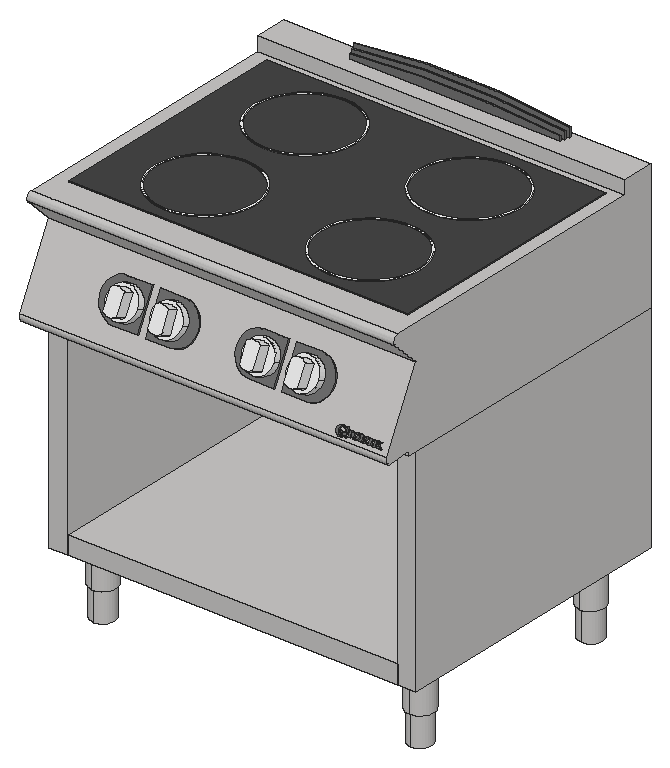
Revit family "QF_GIORIK_CV740G", category Specialty Equipment, Revit 2014
Parameters (values of type "CV740G")
  Weight in Pounds = 198.4158
  Watts = 8400 W
  Volts = 400 V
  URL Cutsheet = "www.giorik.com"
  URL = "www.giorik.com"
  Status [instance] = ""
  Specification by User [instance] = ""
  Specification by Manufacturer = ""
  Show Logo [instance] = yes
  Show Clearance [instance] = yes
  Serial Number = ""
  Seismic Rating = ""
  SMACNA No = ""
  Revision Code [instance] = ""
  Phase = 3
  Number of Poles [instance] = 3
  NAFEM Spec ID Number = ""
  Model = "CV740G"
  Min Ckt Ampacity = 0 A
  Max Overcurrent Protection = 0 A
  Masterspec = ""
  Manufacturer = "GIORIK"
  Item Number [instance] = ""
  Installed By [instance] = ""
  Identify Quantity as Lot [instance] = no
  HP = "11.264568000000"
  Furnished By [instance] = ""
  Foodservice Equipment Identifier [instance] = yes
  FL Amps = 0 A
  Electrical Remarks [instance] = ""
  Electric Connection Type [instance] = ""
  Elec Conn RI Height [instance] = 0 mm
  Elec Conn Connection Height [instance] = 150 mm
  Description = "CERAMIC GLASS HOB ON OPEN BASE UNIT"
  Cycle = 50 Hz
  Conn Plug = ""
  CSI MasterFormat = ""
  Assembly Code = "E1090320"
  Apparent Power = 8400 VA
Reference planes
  plane 1 "Back": y = 0
  plane 2: z = 0
  plane 3 "Left": x = 0
  plane 4 "Right": x = 800
  plane 5 "Front": y = -720
  plane 6 "Top": z = 900
Forms (mm)
  Extrusion 1, solid, visible <- "Show Logo"
    sketch origin (591.604, -736.761, 609.486) x (-1, 0, 0) y (0, 0.452718, 0.891654)
      loop
        line (-118.824, 58.358) -> (-127.804, 58.358) -> (-125.523, 56.445) -> (-125.523, 48.027) -> (-127.804, 46.113) -> (-118.824, 46.113) -> (-121.105, 48.027) -> (-121.105, 56.445) -> (-118.824, 58.358)
      loop
        line (-163.721, 58.358) -> (-172.7, 58.358) -> (-170.42, 56.445) -> (-170.42, 48.027) -> (-172.7, 46.113) -> (-163.721, 46.113) -> (-166.001, 48.027) -> (-166.001, 56.445) -> (-163.721, 58.358)
      loop
        line (-174.332, 58.358) -> (-183.312, 58.358) -> (-181.031, 56.445) -> (-181.031, 52.435) -> (-186.419, 56.955) -> (-184.416, 58.358) -> (-191.268, 58.358) -> (-188.01, 56.839) -> (-185.455, 54.283) -> (-190.846, 47.858) -> (-193.396, 46.93) -> (-193.396, 46.113) -> (-184.416, 46.113) -> (-185.437, 47.571) -> (-182.443, 51.552) -> (-181.031, 50.894) -> (-181.031, 48.027) -> (-183.312, 46.113) -> (-174.332, 46.113) -> (-176.613, 48.027) -> (-176.613, 56.445) -> (-174.332, 58.358)
      loop
        line (-115.429, 62.063) -> (-115.429, 54.198)
        arc (-115.429, 54.198) -> (-111.618, 57.803) -> (-106.847, 59.986) r 16.039
        arc (-106.847, 59.986) -> (-103.314, 59.837) -> (-100.512, 57.68) r 5.851
        arc (-100.512, 57.68) -> (-98.815, 52.267) -> (-100.512, 46.853) r 9.479
        arc (-100.512, 46.853) -> (-102.406, 44.986) -> (-104.846, 43.93) r 7.236
        arc (-104.846, 43.93) -> (-107.728, 44.111) -> (-110.052, 45.825) r 5.11
        line (-110.052, 45.825) -> (-110.052, 52.001) -> (-116.141, 52.001) -> (-116.141, 45.503) -> (-117.893, 43.751) -> (-114.094, 44.769)
        arc (-114.094, 44.769) -> (-112.56, 44.947) -> (-111.129, 44.366) r 3.115
        arc (-111.129, 44.366) -> (-104.216, 42.091) -> (-97.303, 44.366) r 11.641
        arc (-97.303, 44.366) -> (-93.396, 52.107) -> (-97.303, 59.849) r 9.622
        arc (-97.303, 59.849) -> (-104.369, 62.174) -> (-111.435, 59.849) r 11.898
        line (-111.435, 59.849) -> (-115.429, 62.063)
      loop
        arc (-129.234, 56.068) -> (-135.893, 58.628) -> (-142.552, 56.068) r 9.941
        arc (-142.552, 56.068) -> (-144.234, 52.286) -> (-142.552, 48.505) r 5.093
        arc (-142.552, 48.505) -> (-135.893, 45.945) -> (-129.234, 48.505) r 9.941
        arc (-129.234, 48.505) -> (-127.552, 52.286) -> (-129.234, 56.068) r 5.093
      loop
        arc (-132.628, 54.403) -> (-135.893, 57.668) -> (-139.158, 54.403) r 3.265
        line (-139.158, 54.403) -> (-139.158, 50.169)
        arc (-139.158, 50.169) -> (-135.893, 46.904) -> (-132.628, 50.169) r 3.265
        line (-132.628, 50.169) -> (-132.628, 54.403)
      loop
        arc (-156.363, 58.365) -> (-159.647, 55.081) -> (-156.363, 51.796) r 3.285
        line (-156.363, 51.796) -> (-159.529, 47.306) -> (-162.087, 46.113) -> (-155.847, 46.113) -> (-153.529, 51.083) -> (-150.637, 51.083) -> (-150.637, 47.784) -> (-153.022, 46.113) -> (-144.011, 46.113) -> (-146.094, 47.68) -> (-146.094, 56.493) -> (-144.229, 58.365) -> (-156.363, 58.365)
      loop
        line (-150.637, 57.512) -> (-153.637, 57.512)
        arc (-153.637, 57.512) -> (-156.237, 54.912) -> (-153.637, 52.312) r 2.6
        line (-153.637, 52.312) -> (-150.637, 52.312) -> (-150.637, 57.512)
      loop
        line (-108.924, 52.001) -> (-104.936, 49.005) -> (-100.948, 52.001) -> (-108.924, 52.001)
    from 1.5 to -0.5
  Extrusion 2, solid
    sketch origin (-16, 1025.81, 0) x (1, 0, 0) y (0, 1, 0)
      loop
        line (25, -1086.81) -> (25, -1156.81) -> (115, -1156.81) -> (115, -1086.81) -> (25, -1086.81)
    from 148 to 150
  Extrusion 3, solid
    sketch origin (-4, 0, 130) x (1, 0, 0) y (0, 1, 0)
      loop
        circle (54, -385) r 12.5
    from 0 to 20
  Extrusion 4, solid
    sketch origin (0, 1000, -20) x (0, 1, 0) y (0, 0, 1)
      loop
        line (-1000, 919.988) -> (-1070, 919.988) -> (-1070, 889.988) -> (-1688.806, 889.988)
        arc (-1688.806, 889.988) -> (-1699.151, 883.075) -> (-1696.724, 870.873) r 11.197
        line (-1696.724, 870.873) -> (-1640.876, 815.025) -> (-1718.948, 661.258)
        arc (-1718.948, 661.258) -> (-1718.233, 650.105) -> (-1708.118, 645.354) r 10.981
        line (-1708.118, 645.354) -> (-1660, 649.925) -> (-1660, 640) -> (-1000, 640) -> (-1000, 919.988)
    from 0 to 800
  Extrusion 5, solid
    sketch origin (0, 0, 599.536) x (1, 0, 0) y (0, 1, 0)
      loop
        line (0, -640) -> (40, -640) -> (40, -40) -> (760, -40) -> (760, -640) -> (800, -640) -> (800, 0) -> (0, 0) -> (0, -640)
    from -449.536 to 20.464
  Extrusion 6, solid
    sketch origin (0, 0, 0) x (1, 0, 0) y (0, 1, 0)
      loop
        line (40, -40) -> (40, -640) -> (760, -640) -> (760, -40) -> (40, -40)
    from 150 to 190
  Extrusion 7, solid
    sketch origin (-16, 560.81, 0) x (1, 0, 0) y (0, 1, 0)
      loop
        line (25, -1086.81) -> (25, -1156.81) -> (115, -1156.81) -> (115, -1086.81) -> (25, -1086.81)
    from 148 to 150
  Revolve 8, solid
    sketch origin (54, 560.81, 0) x (0, 1, 0) y (0, 0, 1)
      loop
        line (-1092.56, 66) -> (-1092.56, 148) -> (-1121.81, 148) -> (-1121.81, 0) -> (-1096.81, 0) -> (-1096.81, 66) -> (-1092.56, 66)
      axis (-1121.81, 0) -> (-1121.81, 148)
    angle from 0 to 360
  Revolve 9, solid
    sketch origin (54, 1025.81, 0) x (0, 1, 0) y (0, 0, 1)
      loop
        line (-1092.56, 66) -> (-1092.56, 148) -> (-1121.81, 148) -> (-1121.81, 0) -> (-1096.81, 0) -> (-1096.81, 66) -> (-1092.56, 66)
      axis (-1121.81, 0) -> (-1121.81, 148)
    angle from 0 to 360
  Extrusion 10, solid
    sketch origin (816, 560.81, 0) x (-1, 0, 0) y (0, -1, 0)
      loop
        line (25, 1086.81) -> (115, 1086.81) -> (115, 1156.81) -> (25, 1156.81) -> (25, 1086.81)
    from 148 to 150
  Revolve 11, solid
    sketch origin (746, 560.81, 0) x (0, 1, 0) y (0, 0, -1)
      loop
        line (-1092.56, -66) -> (-1096.81, -66) -> (-1096.81, 0) -> (-1121.81, 0) -> (-1121.81, -148) -> (-1092.56, -148) -> (-1092.56, -66)
      axis (-1121.81, 0) -> (-1121.81, -148)
    angle from 0 to 360
  Extrusion 12, solid
    sketch origin (816, -1217.81, 0) x (-1, 0, 0) y (0, -1, 0)
      loop
        line (25, -1086.81) -> (25, -1156.81) -> (115, -1156.81) -> (115, -1086.81) -> (25, -1086.81)
    from 148 to 150
  Revolve 13, solid
    sketch origin (746, -1217.81, 0) x (0, -1, 0) y (0, 0, 1)
      loop
        line (-1092.56, 66) -> (-1092.56, 148) -> (-1121.81, 148) -> (-1121.81, 0) -> (-1096.81, 0) -> (-1096.81, 66) -> (-1092.56, 66)
      axis (-1121.81, 0) -> (-1121.81, 148)
    angle from 0 to 360
  Extrusion 14, solid
    sketch origin (-220.755, -963.345, 52.363) x (1, 0, 0) y (0, 0.452718, 0.891654)
      loop
        line (463.221, 676.25) -> (463.221, 766.25) -> (409.698, 766.25)
        arc (409.698, 766.25) -> (364.698, 721.25) -> (409.698, 676.25) r 45
        line (409.698, 676.25) -> (463.221, 676.25)
    from 48 to 50
  Extrusion 15, solid
    sketch origin (553.797, -1008.697, 74.959) x (-1, 0, 0) y (0, -0.45351, -0.891251)
      loop
        circle (351.331, -721.346) r 35
    from 0 to 15
  Extrusion 16, solid
    sketch origin (553.797, -1008.697, 74.959) x (-1, 0, 0) y (0, -0.45351, -0.891251)
      loop
        arc (336.331, -743.846) -> (351.331, -748.846) -> (366.331, -743.846) r 25
        line (366.331, -743.846) -> (366.331, -698.846)
        arc (366.331, -698.846) -> (351.331, -693.846) -> (336.331, -698.846) r 25
        line (336.331, -698.846) -> (336.331, -743.846)
    from 15 to 40
  Extrusion 17, solid
    sketch origin (723.221, -963.345, 52.363) x (-1, 0, 0) y (0, -0.452718, -0.891654)
      loop
        line (463.221, -676.25) -> (409.698, -676.25)
        arc (409.698, -676.25) -> (364.698, -721.25) -> (409.698, -766.25) r 45
        line (409.698, -766.25) -> (463.221, -766.25) -> (463.221, -676.25)
    from 48 to 50
  Extrusion 18, solid
    sketch origin (-51.331, -1008.697, 74.959) x (1, 0, 0) y (0, 0.45351, 0.891251)
      loop
        circle (351.331, 721.346) r 35
    from 0 to 15
  Extrusion 19, solid
    sketch origin (-51.331, -1008.697, 74.959) x (1, 0, 0) y (0, 0.45351, 0.891251)
      loop
        line (336.331, 743.846) -> (336.331, 698.846)
        arc (336.331, 698.846) -> (351.331, 693.846) -> (366.331, 698.846) r 25
        line (366.331, 698.846) -> (366.331, 743.846)
        arc (366.331, 743.846) -> (351.331, 748.846) -> (336.331, 743.846) r 25
    from 15 to 40
  Extrusion 20, solid
    sketch origin (76.779, -963.345, 52.363) x (1, 0, 0) y (0, 0.452718, 0.891654)
      loop
        line (463.221, 676.25) -> (463.221, 766.25) -> (409.698, 766.25)
        arc (409.698, 766.25) -> (364.698, 721.25) -> (409.698, 676.25) r 45
        line (409.698, 676.25) -> (463.221, 676.25)
    from 48 to 50
  Extrusion 21, solid
    sketch origin (851.331, -1008.697, 74.959) x (-1, 0, 0) y (0, -0.45351, -0.891251)
      loop
        circle (351.331, -721.346) r 35
    from 0 to 15
  Extrusion 22, solid
    sketch origin (851.331, -1008.697, 74.959) x (-1, 0, 0) y (0, -0.45351, -0.891251)
      loop
        arc (336.331, -743.846) -> (351.331, -748.846) -> (366.331, -743.846) r 25
        line (366.331, -743.846) -> (366.331, -698.846)
        arc (366.331, -698.846) -> (351.331, -693.846) -> (336.331, -698.846) r 25
        line (336.331, -698.846) -> (336.331, -743.846)
    from 15 to 40
  Extrusion 23, solid
    sketch origin (1020.755, -963.345, 52.363) x (-1, 0, 0) y (0, -0.452718, -0.891654)
      loop
        line (463.221, -676.25) -> (409.698, -676.25)
        arc (409.698, -676.25) -> (364.698, -721.25) -> (409.698, -766.25) r 45
        line (409.698, -766.25) -> (463.221, -766.25) -> (463.221, -676.25)
    from 48 to 50
  Extrusion 24, solid
    sketch origin (246.203, -1008.697, 74.959) x (1, 0, 0) y (0, 0.45351, 0.891251)
      loop
        circle (351.331, 721.346) r 35
    from 0 to 15
  Extrusion 25, solid
    sketch origin (246.203, -1008.697, 74.959) x (1, 0, 0) y (0, 0.45351, 0.891251)
      loop
        line (336.331, 743.846) -> (336.331, 698.846)
        arc (336.331, 698.846) -> (351.331, 693.846) -> (366.331, 698.846) r 25
        line (366.331, 698.846) -> (366.331, 743.846)
        arc (366.331, 743.846) -> (351.331, 748.846) -> (336.331, 743.846) r 25
    from 15 to 40
  Extrusion 26, solid
    sketch origin (36.031, 0, -10.001) x (1, 0, 0) y (0, 0, 1)
      loop
        line (135, 909.989) -> (592.969, 909.989) -> (592.969, 919.989) -> (440.969, 929.989) -> (287, 929.989) -> (135, 919.989) -> (135, 909.989)
    from 32 to 35
  Extrusion 27, solid
    sketch origin (38, 10, -10.001) x (1, 0, 0) y (0, 0, 1)
      loop
        line (594, 909.989) -> (594, 924.989) -> (440, 937.489) -> (284, 937.489) -> (130, 925.001) -> (130, 909.989) -> (594, 909.989)
    from 32 to 35
  Extrusion 28, solid
    sketch origin (40, 20, -10.001) x (1, 0, 0) y (0, 0, 1)
      loop
        line (595, 909.989) -> (595, 930.001) -> (439, 945.258) -> (281, 945.258) -> (125, 929.989) -> (125, 909.989) -> (595, 909.989)
    from 32 to 35
  Extrusion 29, solid
    sketch origin (0.216, 0.239, 821) x (0, 1, 0) y (-1, 0, 0)
      loop
        line (-625, -30) -> (-625, -769.568) -> (-85, -769.568) -> (-85, -30) -> (-625, -30)
    from 48 to 50
  Extrusion 30, solid
    sketch origin (30.216, -722.261, 848.488) x (0, -1, 0) y (1, 0, 0)
      loop
        circle (-231.5, 189.999) r 110
      loop
        circle (-231.5, 189.999) r 106.5
    from 23 to 20.512
  Extrusion 31, solid
    sketch origin (30.216, -450.261, 848.488) x (0, -1, 0) y (1, 0, 0)
      loop
        circle (-231.5, 189.999) r 110
      loop
        circle (-231.5, 189.999) r 106.5
    from 23 to 20.512
  Extrusion 32, solid
    sketch origin (769.784, -722.261, 848.488) x (0, -1, 0) y (1, 0, 0)
      loop
        circle (-231.5, -189.999) r 110
      loop
        circle (-231.5, -189.999) r 106.5
    from 23 to 20.512
  Extrusion 33, solid
    sketch origin (769.784, -450.261, 848.488) x (0, -1, 0) y (1, 0, 0)
      loop
        circle (-231.5, -189.999) r 110
      loop
        circle (-231.5, -189.999) r 106.5
    from 23 to 20.512
Lines and regions (mm)
  symbolic lines, style "200-EquipBorder-2D"
    curve 1: line (0, -720, 0) -> (800, -720, 0)
    curve 2: line (800, -720, 0) -> (800, 0, 0)
    curve 3: line (800, 0, 0) -> (0, 0, 0)
    curve 4: line (0, 0, 0) -> (0, -720, 0)
  symbolic lines, style "200-EquipInternal-2D"
    curve 5: line (0, -70, 900) -> (800, -70, 900)
    curve 6: line (165, -12, 900) -> (635, -12, 900)
    curve 7: line (635, -12, 900) -> (635, -15, 900)
    curve 8: line (635, -15, 900) -> (165, -15, 900)
    curve 9: line (165, -15, 900) -> (165, -12, 900)
    curve 10: line (168, -22, 900) -> (632, -22, 900)
    curve 11: line (632, -22, 900) -> (632, -25, 900)
    curve 12: line (632, -25, 900) -> (168, -25, 900)
    curve 13: line (168, -25, 900) -> (168, -22, 900)
    curve 14: line (171.031, -32, 900) -> (629, -32, 900)
    curve 15: line (629, -32, 900) -> (629, -35, 900)
    curve 16: line (629, -35, 900) -> (171.031, -35, 900)
    curve 17: line (171.031, -35, 900) -> (171.031, -32, 900)
    curve 18: line (769.784, -84.761, 900) -> (30.216, -84.761, 900)
    curve 19: line (30.216, -84.761, 900) -> (30.216, -624.761, 900)
    curve 20: line (30.216, -624.761, 900) -> (769.784, -624.761, 900)
    curve 21: circle (220.215, -218.761, 900) r 110 normal (0, 0, 1)
    curve 22: circle (220.215, -218.761, 900) r 106.5 normal (0, 0, 1)
    curve 23: circle (220.215, -490.761, 900) r 110 normal (0, 0, 1)
    curve 24: circle (220.215, -490.761, 900) r 106.5 normal (0, 0, 1)
    curve 25: line (769.784, -84.761, 900) -> (769.784, -624.761, 900)
    curve 26: circle (579.785, -218.761, 900) r 110 normal (0, 0, -1)
    curve 27: circle (579.785, -218.761, 900) r 106.5 normal (0, 0, -1)
    curve 28: circle (579.785, -490.761, 900) r 110 normal (0, 0, -1)
    curve 29: circle (579.785, -490.761, 900) r 106.5 normal (0, 0, -1)
Dimensions and locks
  plane 3 "Left" to plane 4 "Right" = 800 mm
  plane 5 "Front" to plane 1 "Back" = 720 mm
  plane 4 "Right" to plane 3 "Left" = 800 mm
  plane 1 "Back" to plane 5 "Front" = 720 mm
  plane 6 "Top" to level = 900 mm  (x2)
  aligned and locked: level to plane 2
Connectors
  electrical at (50, -385, 130), driven by "Apparent Power", driven by "Volts", driven by "Number of Poles"
    settings: on Extrusion 3, index 1, voltage 400 V, apparent load 0 VA, apparent load phase1 8400 VA, apparent load phase2 0 VA, apparent load phase3 0 VA, power factor 1, load classification "Other", number of poles 3, system type 31, power factor state 1, is connector primary yes, connector utility no, sub classification motor no, connector description "Electrical connection"
